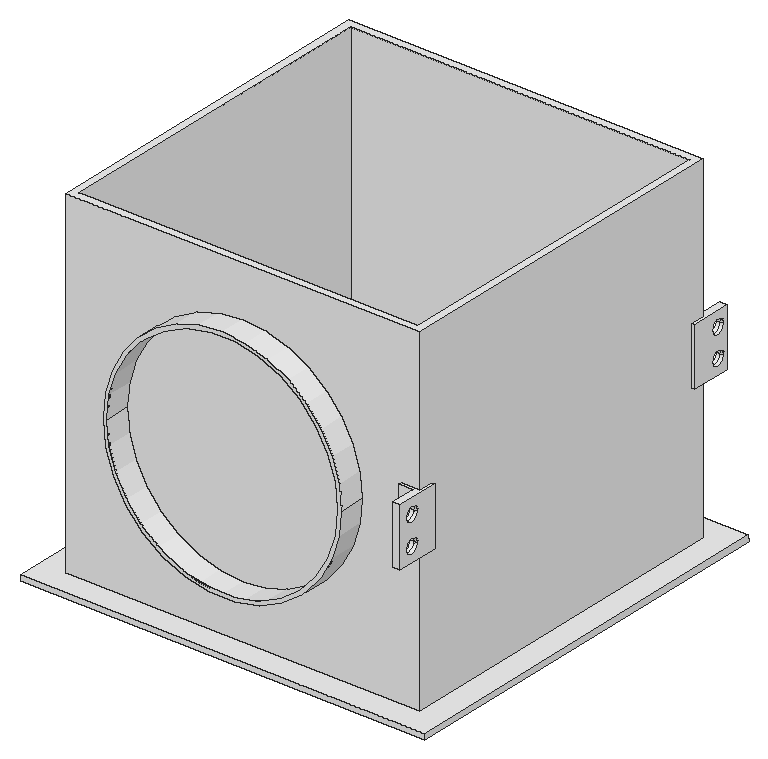
Revit family "Ceiling-Fan_VCDD-025C_Carnes", category Mechanical Equipment, host Ceiling, Revit 2012
Parameters
  ecoScorecard_data = ""
  ecoScorecard Product Page = "http://ecoscorecard.com/"
  Warranty URL = "http://www.carnes.com/GeneralCatalogs/termcond.pdf"
  Housing = Aluminum-Carnes-Spun-Brushed
  URL = "http://www.carnes.com/index.html"
  Specifications URL = ""
  Product Page URL = "http://www.carnes.com/ventilation/vcdd-vcdk.htm"
  Parts List URL = "http://www.carnes.com/ventilation/pdf/22005.pdf"
  Outer Radius = Duct Radius + 0' 0 1/8"  # 0' - 4 1/8"
  Model = "VCDD-025C"  # constant formula
  Material = ""
  Manufacturer Toll Free Phone = ""
  Manufacturer Phone = "608-845-6411"  # constant formula
  Manufacturer Fax = "608-845-6470"  # constant formula
  Manufacturer Email = "mailto:carnes@carnes.com"
  Manufacturer Address = "448 S. Main St., P. O. Box 930040, Verona, WI 53593-0040"  # constant formula
  Manufacturer = "CARNES COMPANY"  # constant formula
  IOM Instructions URL = "http://www.carnes.com/ventilation/pdf/11235.pdf"
  Grill Size = "14 x 14"
  Grill Depth = 0' - 0 3/8"
  Duct Radius = 0' - 4"
  Duct Connector = "8\""
  Description = "Ceiling Ventilators"  # constant formula
  Cost Info = "mailto:carnes@carnes.com"
  Catalog URL = "http://www.carnes.com/ventilation/pdf/C269-C295.pdf"
  Box Size = "12-1/4 x 12-1/4"
  Box Depth = 0' - 11 3/4"
  Assembly Code = "D3040200"
  95 CSI = "15850"  # constant formula
  04 CSI = "23 37 13"  # constant formula
Reference planes (in)
  plane 1 "Center (Front/Back)": y = 0
  plane 2 "Ceiling": z = 96
  plane 3 "Center (Left/Right)": x = 0
  plane 4: y = 6.125
  plane 5: x = -6.125
  plane 6: y = -6.125
  plane 7: x = 6.125
  plane 8: z = 95.625
  plane 9: z = 107.75
  plane 10: y = 7
  plane 11: x = -7
  plane 12: y = -7
  plane 13: x = 7
  plane 14: y = 5.875
Forms (in)
  Sweep 1, solid, material "Aluminum-Carnes-Spun-Brushed" <- "Housing", detail levels fine
    path origin (0, 0, 96) x (0, -1, 0) y (1, 0, 0)
      loop
        line (-6.125, -6.125) -> (6.125, -6.125) -> (6.125, 6.125) -> (-6.125, 6.125) -> (-6.125, -6.125)
    profile origin (0, 6.125, 96) x (0, 1, 0) y (0, 0, 1)
      loop
        line (0, 11.75) -> (-0.25, 11.75) -> (-0.25, 0) -> (0, 0) -> (0, 11.75)
  Extrusion 2, solid, material "Aluminum-Carnes-Spun-Brushed" <- "Housing", detail levels fine
    sketch origin (0, 0, 96) x (0, 1, 0) y (0, 0, 1)
      loop
        line (-5.625, 4.875) -> (-5.625, 6.875) -> (-7.125, 6.875) -> (-7.125, 4.875) -> (-5.625, 4.875)
      loop
        line (7, 6.875) -> (5.625, 6.875) -> (5.625, 4.875) -> (7, 4.875) -> (7, 6.875)
      loop
        circle (-6.625, 5.38243) r 0.25
      loop
        circle (-6.625, 6.36757) r 0.25
      loop
        circle (6.625, 5.38243) r 0.25
      loop
        circle (6.625, 6.36757) r 0.25
    from 6.125 to 6.25
  Extrusion 3, solid, material "Aluminum-Carnes-Spun-Brushed" <- "Housing", detail levels fine
    sketch origin (0, 0, 96) x (0, -1, 0) y (1, 0, 0)
      loop
        line (6.125, 5.5) -> (6.25, 5.5) -> (6.25, 6) -> (7.125, 6) -> (7.125, 6.125) -> (6.125, 6.125) -> (6.125, 5.5)
      loop
        line (-6.125, 5.5) -> (-6.125, 6.125) -> (-7, 6.125) -> (-7, 6) -> (-6.25, 6) -> (-6.25, 5.5) -> (-6.125, 5.5)
    from 6.875 to 4.875
  Extrusion 4, void
    sketch origin (0, 0, 96) x (0, 1, 0) y (0, 0, 1)
      loop
        circle (6.625, 5.38243) r 0.25
      loop
        circle (6.625, 6.36757) r 0.25
      loop
        circle (-6.625, 5.38243) r 0.25
      loop
        circle (-6.625, 6.36757) r 0.25
    from 5.875 to 6.25
  Extrusion 5, solid, material "Aluminum-Carnes-Spun-Brushed" <- "Housing", detail levels fine
    sketch origin (0, 0, 96) x (1, 0, 0) y (0, 0, 1)
      loop
        circle (0, 5.875) r 4
      loop
        circle (0, 5.875) r 4.125
    from 6.125 to 7
Cuts and joins
  Extrusion 4 cuts Extrusion 2
  Extrusion 4 cuts Extrusion 3
  joined: Extrusion 2, Extrusion 3
Lines and regions (in)
  Opening 1
    outline origin (-60, 60, 97) x (-1, 0, 0) y (0, -1, 0)
      loop
        line (-53, 53) -> (-53, 67) -> (-67, 67) -> (-67, 53) -> (-53, 53)
  model lines, detail levels coarse+medium
    curve 1: line (7, -7, 96) -> (7, 7, 96)
    curve 2: line (-7, 7, 96) -> (7, 7, 96)
    curve 3: line (-7, -7, 96) -> (7, -7, 96)
    curve 4: line (-7, -7, 96) -> (-7, 7, 96)
Dimensions and locks (in)
  equal spacing: host sketch curve, plane 3 "Center (Left/Right)", host sketch curve
  equal spacing: host sketch curve, plane 1 "Center (Front/Back)", host sketch curve
  host sketch curve to host sketch curve = 10' - 0"  (x2)
  equal spacing: plane 5, plane 3 "Center (Left/Right)", plane 7
  plane 5 to plane 7 = 1' - 0 1/4"
  equal spacing: plane 4, plane 1 "Center (Front/Back)", plane 6
  plane 4 to plane 6 = 1' - 0 1/4"
  "Grill Depth": plane 2 "Ceiling" to plane 8
  "Box Depth": plane 9 to plane 2 "Ceiling"
  equal spacing: plane 10, plane 1 "Center (Front/Back)", plane 12
  plane 10 to plane 12 = 1' - 2"
  equal spacing: plane 11, plane 3 "Center (Left/Right)", plane 13
  plane 11 to plane 13 = 1' - 2"
  locked: Extrusion 3 sketch curve to Extrusion 3 sketch curve at 0.5
  "Duct Radius": radius of Extrusion 5 sketch curve
  "Outer Radius": radius of Extrusion 5 sketch curve
  aligned and locked: Extrusion 2 sketch curve to Extrusion 2 sketch curve  (x2)
  aligned and locked: Extrusion 3 to Extrusion 2
  aligned and locked: Extrusion 2 to Extrusion 3
  aligned and locked: Extrusion 4 to Extrusion 2
  aligned and locked: Extrusion 4 to Sweep 1
  aligned and locked: plane 14 to Sweep 1 sketch curve
  aligned and locked: plane 13 to curve 1
  aligned and locked: curve 2 to plane 10
  aligned and locked: plane 12 to curve 3
  aligned and locked: curve 4 to plane 11
Automatic sketch dimensions
  Sweep 1 sketch curve to plane 4 = 0' - 0"
  plane 6 to Sweep 1 sketch curve = 0' - 0"
  Sweep 1 sketch curve to plane 5 = 0' - 0"
  Sweep 1 sketch curve to plane 7 = 0' - 0"
  Sweep 1 sketch curve to profile plane = 0' - 0"  (x2)
  profile plane to Sweep 1 sketch curve = 0' - 11 3/4"
  Extrusion 2 sketch curve to plane 10 = 0' - 0"
  Extrusion 2 sketch curve to plane 10 = 0' - 0 3/8"  (x2)
  Extrusion 2 sketch curve to plane 4 = 0' - 0 1/2"
  Extrusion 2 sketch curve to plane 6 = 0' - 0 1/2"
  Extrusion 2 sketch curve to plane 12 = 0' - 0 3/8"  (x2)
  plane 12 to Extrusion 2 sketch curve = 0' - 0 1/8"
  plane 2 "Ceiling" to Extrusion 2 sketch curve = 0' - 4 7/8"
  Extrusion 2 sketch curve to Extrusion 2 sketch curve = 0' - 0.50743"  (x3)
  Extrusion 2 sketch curve to Extrusion 2 sketch curve = 0' - 0.98513"  (x2)
  Extrusion 3 sketch curve to plane 7 = 0' - 0"  (x2)
  Extrusion 3 sketch curve to plane 10 = 0' - 0"
  Extrusion 3 sketch curve to plane 4 = 0' - 0"
  plane 6 to Extrusion 3 sketch curve = 0' - 0"
  plane 4 to Extrusion 3 sketch curve = 0' - 0 1/8"
  plane 6 to Extrusion 3 sketch curve = 0' - 0 1/8"
  plane 12 to Extrusion 3 sketch curve = 0' - 0 1/8"
  plane 7 to Extrusion 3 sketch curve = 0' - 0 1/8"  (x2)
  Extrusion 3 sketch curve to Extrusion 3 sketch curve = 0' - 0 1/2"
  Extrusion 4 sketch curve to Extrusion 4 sketch curve = 0' - 0"  (x8)
  Extrusion 4 sketch curve to plane 12 = 0' - 0 1/8"  (x2)
  Extrusion 4 sketch curve to Extrusion 4 sketch curve = 0' - 0 1/4"  (x4)
  plane 4 to Extrusion 4 sketch curve = 0' - 0 1/4"  (x2)
  plane 2 "Ceiling" to Extrusion 4 sketch curve = 0' - 5.38243"  (x2)
  Extrusion 4 sketch curve to Extrusion 4 sketch curve = 0' - 0.98513"  (x2)
  Extrusion 5 sketch curve to Extrusion 5 sketch curve = 0' - 0"  (x2)
  plane 5 to Extrusion 5 sketch curve = 0' - 2"
  plane 2 "Ceiling" to Extrusion 5 sketch curve = 0' - 5 7/8"
  Opening 1 sketch curve to plane 10 = 0' - 0"
  plane 13 to Opening 1 sketch curve = 0' - 0"
  plane 11 to Opening 1 sketch curve = 0' - 0"
  plane 12 to Opening 1 sketch curve = 0' - 0"
  radius of Extrusion 2 sketch curve = 0' - 0 1/4"  (x4)
Nested families (in)
  nested 1: "Grill 1" at (0, 0, 95.625), type "Grill 1", detail levels fine
Definition of nested family "Grill 1"
  Parameters (values of type "Grill 1")
    Width = 1' - 2"
    Height = 0' - 0 3/8"
    Grill = Aluminum-Carnes-Spun-Brushed
    Depth = 1' - 2"
    Default Elevation = 4' - 0"
    Assembly Code = ""
  Reference planes (in)
    plane 1 "Center (Front/Back)": y = 0
    plane 2: z = 0
    plane 3 "Center (Left/Right)": x = 0
    plane 4: x = -7
    plane 5: x = 7
    plane 6: y = 7
    plane 7: y = -7
    plane 8: z = 0.375
  Forms (in)
    Sweep 1, solid, material "Aluminum-Carnes-Spun-Brushed" <- "Grill"
      path origin (0, 0, 0) x (1, 0, 0) y (0, 1, 0)
        loop
          line (-7, 7) -> (-7, -7) -> (7, -7) -> (7, 7) -> (-7, 7)
      profile origin (0, 7, 0) x (0, 1, 0) y (0, 0, 1)
        loop
          line (0, 0.375) -> (-1, 0.375) -> (-1, 0) -> (-0.54372, 0) -> (0, 0.1875) -> (0, 0.375)
    Sweep 2, solid, material "Aluminum-Carnes-Spun-Brushed" <- "Grill"
      path in 3D
        loop
          line (-6, 6, 0.375) -> (6, 6, 0.375) -> (6, -6, 0.375) -> (-6, -6, 0.375) -> (-6, 6, 0.375)
      profile origin (-6, 0, 0.375) x (-1, 0, 0) y (0, 0, 1)
        loop
          line (-0.25, -0.1875) -> (-0.25, 0) -> (-0.5, 0) -> (-0.5, -0.375) -> (-0.375, -0.375) -> (-0.25, -0.1875)
    Sweep 3, solid, material "Aluminum-Carnes-Spun-Brushed" <- "Grill"
      path in 3D
        loop
          line (5.5, 5.5, 0.375) -> (5.5, -5.5, 0.375) -> (-5.5, -5.5, 0.375) -> (-5.5, 5.5, 0.375) -> (5.5, 5.5, 0.375)
      profile origin (0, 5.5, 0.375) x (0, 1, 0) y (0, 0, 1)
        loop
          line (-0.25, -0.1875) -> (-0.25, 0) -> (-0.5, 0) -> (-0.5, -0.375) -> (-0.375, -0.375) -> (-0.25, -0.1875)
    Sweep 4, solid, material "Aluminum-Carnes-Spun-Brushed" <- "Grill"
      path in 3D
        loop
          line (5, 5, 0.375) -> (5, -5, 0.375) -> (-5, -5, 0.375) -> (-5, 5, 0.375) -> (5, 5, 0.375)
      profile origin (0, 5, 0.375) x (0, 1, 0) y (0, 0, 1)
        loop
          line (-0.25, -0.1875) -> (-0.25, 0) -> (-0.5, 0) -> (-0.5, -0.375) -> (-0.375, -0.375) -> (-0.25, -0.1875)
    Sweep 5, solid, material "Aluminum-Carnes-Spun-Brushed" <- "Grill"
      path in 3D
        loop
          line (4.5, 4.5, 0.375) -> (4.5, -4.5, 0.375) -> (-4.5, -4.5, 0.375) -> (-4.5, 4.5, 0.375) -> (4.5, 4.5, 0.375)
      profile origin (0, 4.5, 0.375) x (0, 1, 0) y (0, 0, 1)
        loop
          line (-0.25, -0.1875) -> (-0.25, 0) -> (-0.5, 0) -> (-0.5, -0.375) -> (-0.375, -0.375) -> (-0.25, -0.1875)
    Sweep 6, solid, material "Aluminum-Carnes-Spun-Brushed" <- "Grill"
      path in 3D
        loop
          line (-4, 4, 0.375) -> (4, 4, 0.375) -> (4, -4, 0.375) -> (-4, -4, 0.375) -> (-4, 4, 0.375)
      profile origin (-4, 0, 0.375) x (-1, 0, 0) y (0, 0, 1)
        loop
          line (-0.25, -0.1875) -> (-0.25, 0) -> (-0.5, 0) -> (-0.5, -0.375) -> (-0.375, -0.375) -> (-0.25, -0.1875)
    Sweep 7, solid, material "Aluminum-Carnes-Spun-Brushed" <- "Grill"
      path in 3D
        loop
          line (-3.5, 3.5, 0.375) -> (3.5, 3.5, 0.375) -> (3.5, -3.5, 0.375) -> (-3.5, -3.5, 0.375) -> (-3.5, 3.5, 0.375)
      profile origin (-3.5, 0, 0.375) x (-1, 0, 0) y (0, 0, 1)
        loop
          line (-0.5, -0.375) -> (-0.5, 0) -> (-0.75, 0) -> (-0.75, -0.375) -> (-0.5, -0.375)
    Extrusion 8, solid, material "Aluminum-Carnes-Spun-Brushed" <- "Grill"
      sketch origin (0, 0, 0) x (1, 0, 0) y (0, 1, 0)
        loop
          line (-2.75, 2.75) -> (-2.75, -2.75) -> (2.75, -2.75) -> (2.75, 2.75) -> (-2.75, 2.75)
      from 0 to 0.375
    Extrusion 9, solid, material "Aluminum-Carnes-Spun-Brushed" <- "Grill"
      sketch origin (0, 0, 0) x (1, 0, 0) y (0, 1, 0)
        loop
          line (-0.125, 3) -> (0.125, 3) -> (0.125, 3.5) -> (-0.125, 3.5) -> (-0.125, 3)
        loop
          line (0.125, 6) -> (-0.125, 6) -> (-0.125, 5.75) -> (0.125, 5.75) -> (0.125, 6)
        loop
          line (-0.125, 5.5) -> (-0.125, 5.25) -> (0.125, 5.25) -> (0.125, 5.5) -> (-0.125, 5.5)
        loop
          line (-0.125, 5) -> (-0.125, 4.75) -> (0.125, 4.75) -> (0.125, 5) -> (-0.125, 5)
        loop
          line (-0.125, 4.5) -> (-0.125, 4.25) -> (0.125, 4.25) -> (0.125, 4.5) -> (-0.125, 4.5)
        loop
          line (-0.125, 4) -> (-0.125, 3.75) -> (0.125, 3.75) -> (0.125, 4) -> (-0.125, 4)
      from 0 to 0.375
    Extrusion 10, solid, material "Aluminum-Carnes-Spun-Brushed" <- "Grill"
      sketch origin (0, 0, 0) x (1, 0, 0) y (0, 1, 0)
        loop
          line (6, -0.125) -> (6, 0.125) -> (5.75, 0.125) -> (5.75, -0.125) -> (6, -0.125)
        loop
          line (5.5, 0.125) -> (5.25, 0.125) -> (5.25, -0.125) -> (5.5, -0.125) -> (5.5, 0.125)
        loop
          line (5, 0.125) -> (4.75, 0.125) -> (4.75, -0.125) -> (5, -0.125) -> (5, 0.125)
        loop
          line (4.5, 0.125) -> (4.25, 0.125) -> (4.25, -0.125) -> (4.5, -0.125) -> (4.5, 0.125)
        loop
          line (4, 0.125) -> (3.75, 0.125) -> (3.75, -0.125) -> (4, -0.125) -> (4, 0.125)
        loop
          line (3.5, 0.125) -> (3, 0.125) -> (3, -0.125) -> (3.5, -0.125) -> (3.5, 0.125)
      from 0 to 0.375
    Extrusion 11, solid, material "Aluminum-Carnes-Spun-Brushed" <- "Grill"
      sketch origin (0, 0, 0) x (1, 0, 0) y (0, 1, 0)
        loop
          line (-6, 0.125) -> (-6, -0.125) -> (-5.75, -0.125) -> (-5.75, 0.125) -> (-6, 0.125)
        loop
          line (-3, -0.125) -> (-3, 0.125) -> (-3.5, 0.125) -> (-3.5, -0.125) -> (-3, -0.125)
        loop
          line (-5.5, -0.125) -> (-5.25, -0.125) -> (-5.25, 0.125) -> (-5.5, 0.125) -> (-5.5, -0.125)
        loop
          line (-5, -0.125) -> (-4.75, -0.125) -> (-4.75, 0.125) -> (-5, 0.125) -> (-5, -0.125)
        loop
          line (-4.5, -0.125) -> (-4.25, -0.125) -> (-4.25, 0.125) -> (-4.5, 0.125) -> (-4.5, -0.125)
        loop
          line (-4, -0.125) -> (-3.75, -0.125) -> (-3.75, 0.125) -> (-4, 0.125) -> (-4, -0.125)
      from 0 to 0.375
    Extrusion 12, solid, material "Aluminum-Carnes-Spun-Brushed" <- "Grill"
      sketch origin (0, 0, 0) x (1, 0, 0) y (0, 1, 0)
        loop
          line (-0.125, -6) -> (0.125, -6) -> (0.125, -5.75) -> (-0.125, -5.75) -> (-0.125, -6)
        loop
          line (0.125, -3) -> (-0.125, -3) -> (-0.125, -3.5) -> (0.125, -3.5) -> (0.125, -3)
        loop
          line (0.125, -5.5) -> (0.125, -5.25) -> (-0.125, -5.25) -> (-0.125, -5.5) -> (0.125, -5.5)
        loop
          line (0.125, -5) -> (0.125, -4.75) -> (-0.125, -4.75) -> (-0.125, -5) -> (0.125, -5)
        loop
          line (0.125, -4.5) -> (0.125, -4.25) -> (-0.125, -4.25) -> (-0.125, -4.5) -> (0.125, -4.5)
        loop
          line (0.125, -4) -> (0.125, -3.75) -> (-0.125, -3.75) -> (-0.125, -4) -> (0.125, -4)
      from 0 to 0.375
  Cuts and joins
    joined: Sweep 1, Sweep 2, Sweep 3, Sweep 4, Sweep 5, Sweep 6, Sweep 7, Extrusion 8, Extrusion 9, Extrusion 10, Extrusion 11, Extrusion 12
  Lines and regions (in)
    sketch lines
      curve 1: line (-6, -6, 0.375) -> (-6, 6, 0.375)
      curve 2: line (6, -6, 0.375) -> (-6, -6, 0.375)
      curve 3: line (6, 6, 0.375) -> (6, -6, 0.375)
      curve 4: line (-6, 6, 0.375) -> (6, 6, 0.375)
      curve 5: line (-5.5, 5.5, 0.375) -> (5.5, 5.5, 0.375)
      curve 6: line (-5.5, -5.5, 0.375) -> (-5.5, 5.5, 0.375)
      curve 7: line (5.5, -5.5, 0.375) -> (-5.5, -5.5, 0.375)
      curve 8: line (5.5, 5.5, 0.375) -> (5.5, -5.5, 0.375)
      curve 9: line (-5, 5, 0.375) -> (5, 5, 0.375)
      curve 10: line (-5, -5, 0.375) -> (-5, 5, 0.375)
      curve 11: line (5, -5, 0.375) -> (-5, -5, 0.375)
      curve 12: line (5, 5, 0.375) -> (5, -5, 0.375)
      curve 13: line (-4.5, 4.5, 0.375) -> (4.5, 4.5, 0.375)
      curve 14: line (-4.5, -4.5, 0.375) -> (-4.5, 4.5, 0.375)
      curve 15: line (4.5, -4.5, 0.375) -> (-4.5, -4.5, 0.375)
      curve 16: line (4.5, 4.5, 0.375) -> (4.5, -4.5, 0.375)
      curve 17: line (-4, -4, 0.375) -> (-4, 4, 0.375)
      curve 18: line (4, -4, 0.375) -> (-4, -4, 0.375)
      curve 19: line (4, 4, 0.375) -> (4, -4, 0.375)
      curve 20: line (-4, 4, 0.375) -> (4, 4, 0.375)
      curve 21: line (-3.5, -3.5, 0.375) -> (-3.5, 3.5, 0.375)
      curve 22: line (3.5, -3.5, 0.375) -> (-3.5, -3.5, 0.375)
      curve 23: line (3.5, 3.5, 0.375) -> (3.5, -3.5, 0.375)
      curve 24: line (-3.5, 3.5, 0.375) -> (3.5, 3.5, 0.375)
  Dimensions and locks (in)
    equal spacing: plane 6, plane 1 "Center (Front/Back)", plane 7
    equal spacing: plane 4, plane 3 "Center (Left/Right)", plane 5
    "Width": plane 4 to plane 5
    "Depth": plane 6 to plane 7
    "Height": plane 8 to plane 2
    locked: profile plane to Sweep 1 sketch curve at 0.54372
    locked: plane 8 to Sweep 1 sketch curve at 0.1875
    equal spacing: Extrusion 9 sketch curve, plane 3 "Center (Left/Right)", Extrusion 9 sketch curve
    equal spacing: Extrusion 10 sketch curve, plane 1 "Center (Front/Back)", Extrusion 10 sketch curve
    aligned and locked: plane 2 to level
    aligned and locked: Sweep 1 sketch curve to plane 6
    aligned and locked: Sweep 1 sketch curve to plane 4
    aligned and locked: Sweep 1 sketch curve to plane 7
    aligned and locked: Sweep 1 sketch curve to plane 5
    aligned and locked: Sweep 1 sketch curve to profile plane
    aligned and locked: Sweep 1 sketch curve to plane 8
    aligned and locked: profile plane to Sweep 1 sketch curve
    aligned and locked: profile plane to Sweep 2 sketch curve
    aligned and locked: level to Sweep 2 sketch curve
    aligned and locked: profile plane to Sweep 3 sketch curve
    aligned and locked: level to Sweep 3 sketch curve
    aligned and locked: profile plane to Sweep 4 sketch curve
    aligned and locked: level to Sweep 4 sketch curve
    aligned and locked: profile plane to Sweep 5 sketch curve
    aligned and locked: level to Sweep 5 sketch curve
    aligned and locked: profile plane to Sweep 6 sketch curve
    aligned and locked: level to Sweep 6 sketch curve
    aligned and locked: profile plane to Sweep 7 sketch curve
    aligned and locked: level to Sweep 7 sketch curve
    aligned and locked: Extrusion 8 sketch curve to Sweep 7  (x4)
    aligned and locked: Extrusion 8 to plane 2
    aligned and locked: plane 8 to Extrusion 8
    aligned and locked: Sweep 1 to Extrusion 9 sketch curve
    aligned and locked: Sweep 2 to Extrusion 9 sketch curve  (x2)
    aligned and locked: Sweep 3 to Extrusion 9 sketch curve
    aligned and locked: Sweep 4 to Extrusion 9 sketch curve
    aligned and locked: Sweep 5 to Extrusion 9 sketch curve  (x2)
    aligned and locked: Extrusion 9 sketch curve to Extrusion 9 sketch curve  (x10)
    aligned and locked: Extrusion 9 to plane 2
    aligned and locked: plane 8 to Extrusion 9
    aligned and locked: cut or joined group 1 (Sweep 1, Sweep 2, Sweep 3, Sweep 4, Sweep 5, Sweep 6, Sweep 7, Extrusion 8, Extrusion 9, Extrusion 10, Extrusion 11, Extrusion 12) to Extrusion 10 sketch curve  (x11)
    aligned and locked: Extrusion 10 sketch curve to Extrusion 10 sketch curve  (x10)
    aligned and locked: Extrusion 10 to plane 2
    aligned and locked: plane 8 to Extrusion 10
    aligned and locked: cut or joined group 1 to Extrusion 11 sketch curve  (x12)
    aligned and locked: Extrusion 11 to plane 2
    aligned and locked: plane 8 to Extrusion 11
    aligned and locked: cut or joined group 1 to Extrusion 12 sketch curve  (x12)
    aligned and locked: Extrusion 12 to plane 2
    aligned and locked: plane 8 to Extrusion 12
  Automatic sketch dimensions
    Sweep 1 sketch curve to Sweep 1 sketch curve = 0' - 0.45628"
    profile plane to Sweep 2 sketch curve = 0' - 0 1/2"
    Sweep 2 sketch curve to Sweep 2 sketch curve = 0' - 0 1/8"
    profile plane to Sweep 2 sketch curve = 0' - 0 1/4"
    Sweep 2 sketch curve to Sweep 2 sketch curve = 0' - 0 3/16"
    profile plane to Sweep 3 sketch curve = 0' - 0 1/2"
    Sweep 3 sketch curve to Sweep 3 sketch curve = 0' - 0 1/8"
    profile plane to Sweep 3 sketch curve = 0' - 0 1/4"
    Sweep 3 sketch curve to Sweep 3 sketch curve = 0' - 0 3/16"
    profile plane to Sweep 4 sketch curve = 0' - 0 1/2"
    Sweep 4 sketch curve to Sweep 4 sketch curve = 0' - 0 1/8"
    Sweep 4 sketch curve to Sweep 4 sketch curve = 0' - 0 1/4"
    Sweep 4 sketch curve to profile plane = 0' - 0 3/16"
    profile plane to Sweep 5 sketch curve = 0' - 0 1/2"
    Sweep 5 sketch curve to Sweep 5 sketch curve = 0' - 0 1/8"
    Sweep 5 sketch curve to Sweep 5 sketch curve = 0' - 0 1/4"
    Sweep 5 sketch curve to profile plane = 0' - 0 3/16"
    profile plane to Sweep 6 sketch curve = 0' - 0 1/2"
    Sweep 6 sketch curve to Sweep 6 sketch curve = 0' - 0 1/8"
    Sweep 6 sketch curve to Sweep 6 sketch curve = 0' - 0 1/4"
    Sweep 6 sketch curve to profile plane = 0' - 0 3/16"
    profile plane to Sweep 7 sketch curve = 0' - 0 3/4"
    Sweep 7 sketch curve to Sweep 7 sketch curve = 0' - 0 1/4"
    Extrusion 9 sketch curve to plane 3 "Center (Left/Right)" = 0' - 0 1/8"
    Extrusion 10 sketch curve to plane 1 "Center (Front/Back)" = 0' - 0 1/8"
    Extrusion 10 sketch curve to Extrusion 10 sketch curve = 0' - 0 1/4"
    Extrusion 9 sketch curve to Extrusion 9 sketch curve = 0' - 0 1/4"  (x4)
    Extrusion 9 sketch curve to Extrusion 9 sketch curve = 0' - 0 1/2"
    Extrusion 11 sketch curve to plane 1 "Center (Front/Back)" = 0' - 0 1/8"  (x4)
    Extrusion 11 sketch curve to Extrusion 11 sketch curve = 0' - 0"  (x4)
    plane 1 "Center (Front/Back)" to Extrusion 11 sketch curve = 0' - 0 1/8"  (x4)
    Extrusion 12 sketch curve to plane 3 "Center (Left/Right)" = 0' - 0 1/8"  (x3)
    Extrusion 12 sketch curve to Extrusion 12 sketch curve = 0' - 0"  (x8)
    plane 3 "Center (Left/Right)" to Extrusion 12 sketch curve = 0' - 0 1/8"
